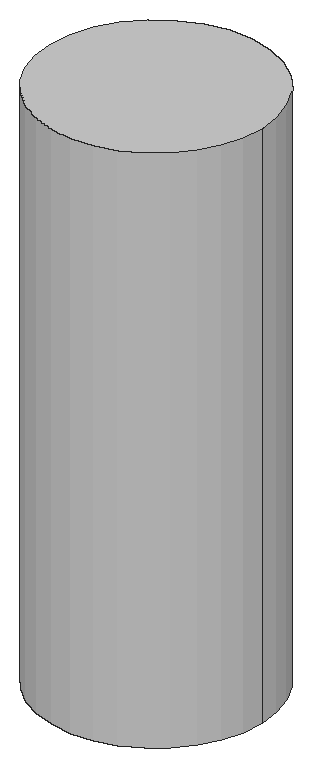
Revit family "M_混凝土-圓型-柱", category 結構柱, Revit 2018
Family settings
  顯示在隱藏視圖中 = 由其他構件隱藏的邊緣
  剖面造型 = 未定義
  模型行為材料 = 混凝土
  永遠匯出成幾何圖形 = 否
  平面中的樑縮短 = 自幾何圖形
  OmniClass 編號 = 23.25.30.11.14.11
  OmniClass 標題 = Columns
  載入時使用空心切割 = 否
  符號表現法 = 從族群
  共用 = 否
  展示平面視圖中預先切割的族群 = 是
Parameters (values of type "排樁")
  深度 [instance] = 2500 mm
  直徑 [instance] = 1000 mm
  h = 2500 mm
  d = 1000 mm
  Structural Material [instance] = 混凝土，現場澆注，灰色
Reference planes
  plane 1 "中心 (前/後)": y = 0
  plane 2: z = 0
  plane 3 "中心 (左/右)": x = 0
  plane 4: x = -500
  plane 5: x = 500
  plane 6: y = 500
  plane 7: y = -500
Forms (mm)
  Extrusion 1, solid, material "混凝土，現場澆注，灰色" <- "Structural Material"
    sketch origin (0, 0, 0) x (1, 0, 0) y (0, 1, 0)
      loop
        circle (0, 0) r 500
    from 0 to 2500
Dimensions and locks
  equal spacing: plane 4, plane 3 "中心 (左/右)", plane 5
  equal spacing: plane 7, plane 1 "中心 (前/後)", plane 6
  "直徑": plane 7 to plane 6
  "直徑": plane 4 to plane 5
  "深度": level to Extrusion 1
  aligned and locked: level to Extrusion 1
  aligned and locked: level to plane 2
  aligned and locked: Extrusion 1 to plane 2
Automatic sketch dimensions
  Extrusion 1 sketch curve to plane 1 "中心 (前/後)" = 0 mm
  Extrusion 1 sketch curve to plane 4 = 0 mm
  Extrusion 1 sketch curve to plane 3 "中心 (左/右)" = 0 mm
